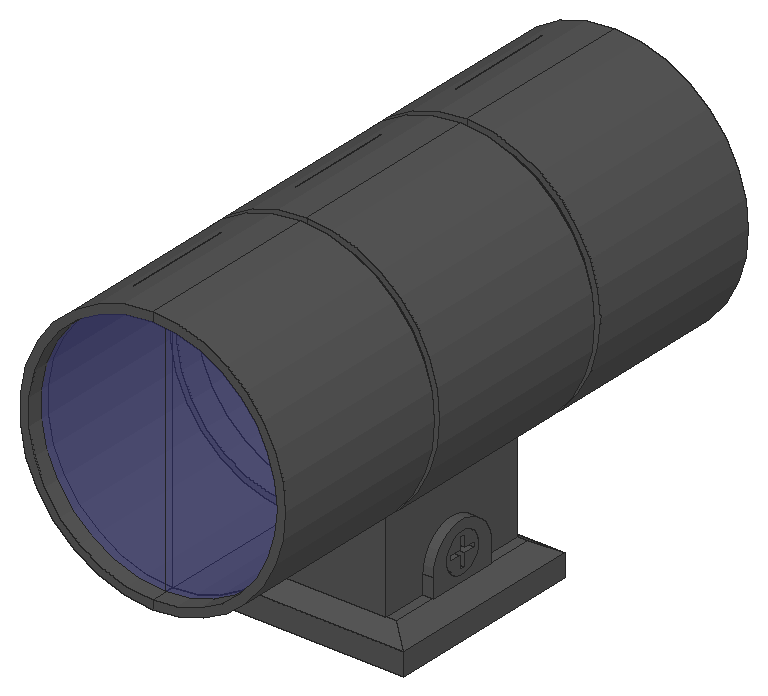
Revit family "CARLO CYLINDER LIGHT WALL MOUNT", category Lighting Fixtures, host Face, Revit 2020 (continued)
Types (10): name | Wattage_Input | Wattage Comments | Wattage | Photometric Web File | built-in parameter 1150142 | Model | built-in parameter 1150105 | Lumens | Light Length 1 | LIGHT RADIUS | LIGHT PLACEMENT | LIGHT LENGTH | LIGHT DIA | built-in parameter 1150106 | FIXED END HEIGHT | Curve base Height | Base Curve | BEAMING ANGLE | Apparent Load
    0.27 312.24 314.39 316.63 318.83 \r\n 321.17 323.83 326.7 329.66 332.81 336.13 339.93 344.42 349.9 356.52 \r\n 364.85 375.19 388.44 405.39 426.62 452.64 484.47 523.07 569.13 623.37 \r\n 686.62 758.73 843.42 946.29 1061.5 1180.5 1316.9 1486.5 1674.1 1871.3 \r\n 2073.3 2271.4 2469.7 2672.8 2870 3053.3 3219.1 3361.7 3478.9 3564.8 \r\n 3625.1 3660.5 3679.5 3689.1 3694.4 3704.3 3714.4 3723.7 3730.1 3730.5 \r\n 3733.6 \r\n3725 3721.2 3708.5 3693.6 3666.3 3617.2 3546.3 3450.5 3329.7 3178.1 \r\n 3008.4 2832.3 2646.9 2451.7 2251.8 2050.9 1852.6 1659.4 1478.1 1314.7 \r\n 1173 1065.3 971.25 869.33 774.91 698.24 633.13 576.83 529.27 489.76 \r\n 457.47 431.81 411.31 394.46 380.89 369.84 360.95 353.72 347.84 342.81 \r\n 338.66 335.43 332.61 329.56 326.64 324.04 321.62 319.32 317.12 315.01 \r\n 312.86 310.48 308 305.43 302.91 300.63 298.43 296.18 293.99 291.92 \r\n 289.99 288.19 286.59 285.35 284.21 282.94 281.66 280.47 279.28 278.63 \r\n 276.71 271.87 264.11 252.59 238.13 221.48 201.92 177.55 152.64 131.78 \r\n 112.11 92.036 72.358 51.897 34.963 27.153 23.422 20.466 18.665 17.316 \r\n 16.364 15.498 14.788 14.225 13.733 13.229 12.734 12.239 11.749 11.273 \r\n 10.792 10.28 9.7644 9.2732 8.7799 8.2572 7.7346 7.2377 6.7504 6.2582 \r\n 5.7806 5.3379 4.9132 4.4923 4.0878 3.7033 3.3521 3.0536 2.793 2.5625 \r\n 2.3604 2.1843 2.0287 1.8868 1.7596 1.6455 1.545 1.4596 1.3841 1.3142 \r\n 1.249 1.1842 1.1254 1.0793 1.0377 0.99415 0.95034 0.90455 0.86016 0.82022 \r\n 0.78405 0.75265 0.72396 0.6967 0.66952 0.63978 0.61 0.5866 0.56388 0.53712 \r\n 0.50978 0.48402 0.45899 0.4352 0.41073 0.38263 0.3545 0.32972 0.30599 0.28184 \r\n 0.25826 0.23608 0.21435 0.1923 0.17012 0.14742 0.12518 0.10394 0.084591 0.068959 \r\n 0.054808 0.039981 0.026075 0.013295 0.0036548 0.00044799 0.000039 0 0 0 \r\n 0 0 0 0 0.0039478 0.021277 0.043012 0.062148 0.082197 0.10435 \r\n 0.12856 0.15647 0.18424 0.2069 0.22947 0.2564 0.28433 0.31104 0.33749 0.3638 \r\n 0.39034 0.41768 0.44545 0.47315 0.50176 0.53335 0.56407 0.58855 0.61337 0.64503 \r\n 0.67929 0.71402 0.74931 0.78384 0.81973 0.85897 0.90061 0.94318 0.99031 1.0473 \r\n 1.1077 1.1652 1.2238 1.2835 1.3494 1.4286 1.5145 1.6001 1.6932 1.7994 \r\n 1.918 2.0489 2.1958 2.3618 2.5485 2.7586 2.9904 3.2366 3.5162 3.8497 \r\n 4.225 4.6448 5.0841 5.5071 5.9488 6.4445 6.9584 7.4585 7.969 8.5097 \r\n 9.0611 9.605 10.157 10.731 11.314 11.894 12.48 13.074 13.682 14.31 \r\n 14.962 15.626 16.355 17.164 18.154 19.409 20.996 23.046 25.453 27.645 \r\n 31.158 37.153 46.172 59.49 76.06 95.901 117.08 137.42 157.67 178.8 \r\n 197.93 211.26 222.5 234.51 246.05 257.58 266.78 270.12 271.57 274.38 \r\n 277.24 279.88 282.49 285.21 287.93 290.59 293.18 295.68 298.06 300.28 \r\n 302.31 304.1 305.79 307.5 309.26 311.14 313.12 315.27 317.47 319.55 \r\n 321.77 324.43 327.33 330.33 333.57 337.03 341.02 345.79 351.61 358.63 \r\n 367.53 378.76 393.16 411.54 434.46 462.36 496.34 537.32 586.17 643.84 \r\n 710.91 787.41 876 979.63 1097.4 1226.8 1375.3 1554.6 1749.5 1949.1 \r\n 2151.3 2349.3 2546.9 2749.7 2945 3122.5 3280.8 3416.1 3525 3600.3 \r\n 3649.3 3673.1 3683.4 3692.1 3699.3 3710.7 3721.7 3729.9 3734.3 3732.8 \r\n 3733.6 \r\n3725 3720.5 3708.8 3694.4 3668.3 3622.8 3556.3 3464.2 3347.9 3204.9 \r\n 3042.7 2867.9 2680.9 2482 2278.7 2078.7 1882.2 1689.4 1507.5 1342.2 \r\n 1198.1 1088.7 992.56 886.58 788.22 709.85 643.64 585.81 536.7 495.58 \r\n 461.83 435.14 413.84 396.29 382.13 370.53 361.18 353.62 347.5 342.31 \r\n 338.09 334.93 332.26 329.44 326.77 324.33 322.09 320.05 318.18 316.49 \r\n 314.74 312.56 310.21 307.8 305.4 303.18 301 298.75 296.51 294.32 \r\n 292.19 290.12 288.24 286.79 285.43 283.82 282.19 280.66 279.2 278.09 \r\n 276.4 273.97 268.73 257.93 243.36 225.86 205.63 182.19 158.46 137.97 \r\n 118.37 98.385 78.412 56.802 38.448 29.322 24.526 21.152 19.197 17.681 \r\n 16.622 15.694 14.949 14.354 13.841 13.331 12.834 12.332 11.836 11.361 \r\n 10.881 10.362 9.8402 9.3544 8.8656 8.3344 7.8007 7.2977 6.8061 6.3114 \r\n 5.8321 5.3872 4.9614 4.5426 4.1393 3.7508 3.3932 3.0862 2.8183 2.5861 \r\n 2.3841 2.2079 2.0514 1.9056 1.7742 1.6583 1.557 1.4718 1.3961 1.3233 \r\n 1.2556 1.1921 1.1351 1.0889 1.0466 1.0028 0.95846 0.91165 0.86633 0.82619 \r\n 0.79002 0.75862 0.72975 0.70174 0.67376 0.64367 0.6137 0.59107 0.56943 0.54392 \r\n 0.51743 0.49114 0.46533 0.44151 0.4172 0.3892 0.36119 0.33661 0.31301 0.28872 \r\n 0.26493 0.24262 0.2208 0.19875 0.17673 0.1545 0.13276 0.11172 0.092643 0.078036 \r\n 0.064443 0.048432 0.032434 0.016652 0.004335 0.00043719 0.000046 0 0 0 \r\n 0 0 0 0 0 0.017321 0.039652 0.059174 0.079724 0.10267 \r\n 0.1276 0.15583 0.1836 0.20572 0.22783 0.25531 0.28378 0.3101 0.33593 0.36173 \r\n 0.38802 0.4158 0.44408 0.47163 0.50018 0.53268 0.56421 0.58834 0.61246 0.64321 \r\n 0.67641 0.7101 0.74431 0.77786 0.81243 0.85118 0.89243 0.93397 0.98049 1.0386 \r\n 1.1003 1.1579 1.2166 1.2772 1.3447 1.4271 1.5165 1.6048 1.7007 1.8102 \r\n 1.9326 2.0682 2.2206 2.3933 2.5874 2.8069 3.0471 3.2959 3.5791 3.9251 \r\n 4.314 4.7435 5.1899 5.6157 6.0596 6.5614 7.0797 7.5759 8.0817 8.6267 \r\n 9.1787 9.7031 10.237 10.818 11.41 11.981 12.553 13.131 13.727 14.354 \r\n 15.008 15.67 16.401 17.213 18.227 19.553 21.243 23.442 25.975 28.017 \r\n 31.667 38.811 49.271 63.873 81.484 101.72 123.15 144.17 164.98 186.28 \r\n 204.95 216.59 225.8 236.13 246.43 257.73 267.05 270.43 271.92 274.65 \r\n 277.42 280.03 282.64 285.36 288.09 290.77 293.41 296.03 298.54 300.85 \r\n 302.97 304.85 306.63 308.46 310.32 312.25 314.26 316.42 318.61 320.6 \r\n 322.75 325.42 328.38 331.44 334.79 338.41 342.63 347.68 353.86 361.27 \r\n 370.72 382.79 398.27 417.96 442.42 472.11 508.14 551.44 603.02 664.02 \r\n 734.87 816.01 908.57 1012.3 1131.8 1271.1 1431 1618.8 1819.6 2020.9 \r\n 2223 2421.1 2618.1 2820.1 3013.1 3184.6 3335.5 3464 3565.2 3630.7 \r\n 3669.6 3683.4 3686.5 3695.2 3704.8 3717.5 3729 3736 3738.4 3735.1 \r\n 3733.6 \r\n" | "CCL4-11-20SPSW8-PC-25-WM-BK" | 8364.6 (stored number, unit not read) | 1800 lm | 0' - 3.67318" | 0' - 2" | 0' - 4 53/128" | 0' - 11 5/256" | 0' - 4" | 83.646 (stored number, unit not read) | 0' - 6 53/128" | 0' - 3 7/64" | 0' - 2" | 25.00° | 25 VA
  CCL4-11-20SPSW8-PC-40-WM-BK | 20 W | "12W/16W/20W" | 12.1178 W | "CCL4 20W 3000K 40° (up and down light).IES" | "IESNA:LM-63-2002\r\n[TEST] CCL4 20W 3000K 40¡ã (up and down light)\r\n[TESTLAB] EVERFINE\r\n[TESTDATE] 2024-03-13\r\n[ISSUEDATE] 2024-03-13 10:11:48\r\n[NEARFIELD] \r\n[LAMPPOSITION] 0,0\r\n[OTHER] EVERFINE GO-2000_V1 SYSTEM\r\n[MANUFAC] Aboveall lighting\r\nTILT=NONE\r\n1 1791.5 1 361 73 1 2 -0.103 -0.103 0.000\r\n1.000 1 20.544\r\n0.0    0.5    1.0    1.5    2.0    2.5    3.0    3.5    4.0    4.5    \r\n 5.0    5.5    6.0    6.5    7.0    7.5    8.0    8.5    9.0    9.5    \r\n 10.0   10.5   11.0   11.5   12.0   12.5   13.0   13.5   14.0   14.5   \r\n 15.0   15.5   16.0   16.5   17.0   17.5   18.0   18.5   19.0   19.5   \r\n 20.0   20.5   21.0   21.5   22.0   22.5   23.0   23.5   24.0   24.5   \r\n 25.0   25.5   26.0   26.5   27.0   27.5   28.0   28.5   29.0   29.5   \r\n 30.0   30.5   31.0   31.5   32.0   32.5   33.0   33.5   34.0   34.5   \r\n 35.0   35.5   36.0   36.5   37.0   37.5   38.0   38.5   39.0   39.5   \r\n 40.0   40.5   41.0   41.5   42.0   42.5   43.0   43.5   44.0   44.5   \r\n 45.0   45.5   46.0   46.5   47.0   47.5   48.0   48.5   49.0   49.5   \r\n 50.0   50.5   51.0   51.5   52.0   52.5   53.0   53.5   54.0   54.5   \r\n 55.0   55.5   56.0   56.5   57.0   57.5   58.0   58.5   59.0   59.5   \r\n 60.0   60.5   61.0   61.5   62.0   62.5   63.0   63.5   64.0   64.5   \r\n 65.0   65.5   66.0   66.5   67.0   67.5   68.0   68.5   69.0   69.5   \r\n 70.0   70.5   71.0   71.5   72.0   72.5   73.0   73.5   74.0   74.5   \r\n 75.0   75.5   76.0   76.5   77.0   77.5   78.0   78.5   79.0   79.5   \r\n 80.0   80.5   81.0   81.5   82.0   82.5   83.0   83.5   84.0   84.5   \r\n 85.0   85.5   86.0   86.5   87.0   87.5   88.0   88.5   89.0   89.5   \r\n 90.0   90.5   91.0   91.5   92.0   92.5   93.0   93.5   94.0   94.5   \r\n 95.0   95.5   96.0   96.5   97.0   97.5   98.0   98.5   99.0   99.5   \r\n 100.0  100.5  101.0  101.5  102.0  102.5  103.0  103.5  104.0  104.5  \r\n 105.0  105.5  106.0  106.5  107.0  107.5  108.0  108.5  109.0  109.5  \r\n 110.0  110.5  111.0  111.5  112.0  112.5  113.0  113.5  114.0  114.5  \r\n 115.0  115.5  116.0  116.5  117.0  117.5  118.0  118.5  119.0  119.5  \r\n 120.0  120.5  121.0  121.5  122.0  122.5  123.0  123.5  124.0  124.5  \r\n 125.0  125.5  126.0  126.5  127.0  127.5  128.0  128.5  129.0  129.5  \r\n 130.0  130.5  131.0  131.5  132.0  132.5  133.0  133.5  134.0  134.5  \r\n 135.0  135.5  136.0  136.5  137.0  137.5  138.0  138.5  139.0  139.5  \r\n 140.0  140.5  141.0  141.5  142.0  142.5  143.0  143.5  144.0  144.5  \r\n 145.0  145.5  146.0  146.5  147.0  147.5  148.0  148.5  149.0  149.5  \r\n 150.0  150.5  151.0  151.5  152.0  152.5  153.0  153.5  154.0  154.5  \r\n 155.0  155.5  156.0  156.5  157.0  157.5  158.0  158.5  159.0  159.5  \r\n 160.0  160.5  161.0  161.5  162.0  162.5  163.0  163.5  164.0  164.5  \r\n 165.0  165.5  166.0  166.5  167.0  167.5  168.0  168.5  169.0  169.5  \r\n 170.0  170.5  171.0  171.5  172.0  172.5  173.0  173.5  174.0  174.5  \r\n 175.0  175.5  176.0  176.5  177.0  177.5  178.0  178.5  179.0  179.5  \r\n 180.0  \r\n0.0    5.0    10.0   15.0   20.0   25.0   30.0   35.0   40.0   45.0   \r\n 50.0   55.0   60.0   65.0   70.0   75.0   80.0   85.0   90.0   95.0   \r\n 100.0  105.0  110.0  115.0  120.0  125.0  130.0  135.0  140.0  145.0  \r\n 150.0  155.0  160.0  165.0  170.0  175.0  180.0  185.0  190.0  195.0  \r\n 200.0  205.0  210.0  215.0  220.0  225.0  230.0  235.0  240.0  245.0  \r\n 250.0  255.0  260.0  265.0  270.0  275.0  280.0  285.0  290.0  295.0  \r\n 300.0  305.0  310.0  315.0  320.0  325.0  330.0  335.0  340.0  345.0  \r\n 350.0  355.0  360.0  \r\n2008.1 2008.4 2002.2 1994.6 1985.6 1975.5 1963.9 1950.7 1936 1920.1 \r\n 1902.4 1882.3 1860.6 1838.3 1814.3 1787.5 1758.2 1726.1 1691.8 1655.6 \r\n 1618 1579.9 1540.1 1497.6 1452.9 1406.4 1357.7 1306 1252.3 1197.4 \r\n 1140.8 1082.1 1021.8 960.15 898.36 837.48 778.51 722.82 670.27 620.86 \r\n 575.53 535.32 499.97 469.82 444.22 422.78 405.05 390.75 378.96 368.54 \r\n 359.82 352.88 347.31 342.75 339.04 336.22 333.24 328.46 323.57 319.95 \r\n 316.84 314.13 311.32 307.63 303.82 300.34 297.19 294.65 292.39 290.2 \r\n 288 285.71 283.14 280.77 276.51 268.39 256.43 239.22 219.06 197.95 \r\n 175.32 150.55 125.72 102.86 81.466 61.125 43.713 31.198 22.88 19.672 \r\n 18.703 17.108 15.796 14.735 13.876 13.159 12.578 12.125 11.759 11.452 \r\n 11.157 10.803 10.445 10.132 9.8183 9.4647 9.1016 8.7452 8.3996 8.0774 \r\n 7.7692 7.4763 7.1792 6.8478 6.5143 6.2063 5.9081 5.6132 5.3224 5.032 \r\n 4.7488 4.4828 4.2204 3.944 3.6753 3.4364 3.2091 2.9774 2.7558 2.5586 \r\n 2.37 2.1744 1.985 1.81 1.6476 1.5009 1.3623 1.2206 1.0894 0.98203 \r\n 0.88814 0.7997 0.72334 0.66652 0.61875 0.5703 0.52636 0.48913 0.45789 0.43462 \r\n 0.41349 0.39067 0.36937 0.35201 0.33715 0.32481 0.313 0.29873 0.28497 0.27509 \r\n 0.26483 0.24998 0.23376 0.21822 0.20269 0.18715 0.17162 0.15608 0.14055 0.12735 \r\n 0.10948 0.075035 0.040909 0.023111 0.012357 0.0044716 0.00013805 0 0 0 \r\n 0 0 0 0 0 0 0.0079364 0.032763 0.071526 0.13487 \r\n 0.19095 0.20019 0.19641 0.20339 0.21158 0.21917 0.22676 0.23434 0.24193 0.24952 \r\n 0.25711 0.26364 0.27228 0.28627 0.30436 0.32808 0.35231 0.37067 0.38853 0.40932 \r\n 0.43256 0.45875 0.48843 0.52217 0.56042 0.60266 0.65637 0.73141 0.81996 0.91547 \r\n 1.024 1.152 1.292 1.4409 1.5924 1.7311 1.8812 2.0724 2.2731 2.45 \r\n 2.6384 2.8732 3.1224 3.3586 3.6023 3.8676 4.1469 4.4366 4.7398 5.0633 \r\n 5.3928 5.7166 6.0346 6.3339 6.6405 6.9899 7.3413 7.6557 7.9637 8.2813 \r\n 8.6131 8.9763 9.3501 9.7178 10.084 10.451 10.808 11.135 11.459 11.797 \r\n 12.156 12.557 12.968 13.275 13.747 14.666 15.884 17.399 19.053 19.72 \r\n 22.3 29.451 40.771 57.451 77.379 98.781 121.84 146.75 171.66 195.03 \r\n 216.07 232.5 247.26 264.23 278.28 283.84 286.06 288.47 290.44 292.53 \r\n 294.74 297.28 300.12 303.22 306.81 311.37 316.01 319.76 323.29 327.12 \r\n 330.77 333.86 336.66 339.11 341.75 345.09 349.18 354.04 360.29 368.67 \r\n 378.91 390.79 404.95 421.76 441.81 465.66 493.75 526.66 564.47 607.82 \r\n 655.6 707.23 761.66 817.93 875.21 932.29 989.35 1046.4 1102.8 1157.6 \r\n 1211.9 1266.5 1320.4 1372.6 1423.4 1472.6 1520.8 1568.7 1615.8 1662.1 \r\n 1706.6 1748.4 1786.8 1819.9 1849.3 1876.1 1900.2 1921.7 1941.1 1959.2 \r\n 1975 1987.6 1997.4 2004.2 2008.9 2012.2 2014.3 2015.8 2016.3 2015.4 \r\n 2013.2 \r\n2008.1 2008.4 2002.2 1994.4 1985.3 1975.1 1963.7 1950.7 1936.1 1920.1 \r\n 1902.3 1882.3 1860.8 1838.4 1814.3 1787.8 1758.8 1727.2 1693.3 1657.2 \r\n 1619.6 1581.7 1542.1 1499.9 1455.5 1409 1360.1 1308.4 1254.5 1199.4 \r\n 1142.5 1083.6 1023.1 961.07 898.94 837.94 778.88 723.05 670.3 620.56 \r\n 574.92 534.55 499.1 468.8 443.07 421.59 403.85 389.52 377.73 367.42 \r\n 358.84 352.02 346.56 342.12 338.52 335.78 332.88 328.25 323.52 320.08 \r\n 317.14 314.52 311.75 308.05 304.17 300.56 297.29 294.66 292.35 290.15 \r\n 287.97 285.71 283.19 280.94 276.62 267.76 255.31 239.14 220 198.3 \r\n 174.98 150.82 126.69 103.67 81.909 61.298 43.693 31.199 22.96 19.76 \r\n 18.79 17.211 15.908 14.827 13.942 13.219 12.637 12.176 11.801 11.484 \r\n 11.18 10.808 10.437 10.128 9.822 9.4724 9.1113 8.7531 8.4045 8.0802 \r\n 7.7704 7.4764 7.1801 6.8552 6.5272 6.2151 5.9119 5.6199 5.3307 5.0307 \r\n 4.7385 4.4765 4.22 3.9427 3.6722 3.4338 3.2078 2.9791 2.759 2.5568 \r\n 2.3632 2.1703 1.9838 1.8057 1.639 1.4902 1.3501 1.2069 1.0746 0.96722 \r\n 0.87374 0.78562 0.70954 0.6526 0.605 0.55792 0.51551 0.47917 0.44828 0.42415 \r\n 0.40239 0.38036 0.36008 0.34283 0.32829 0.31752 0.30772 0.29552 0.28366 0.27494 \r\n 0.26586 0.25297 0.23894 0.2257 0.21202 0.19681 0.18165 0.16943 0.15513 0.13473 \r\n 0.10819 0.068861 0.032551 0.01701 0.0097209 0.0034946 0.00010855 0 0 0 \r\n 0 0 0.000008 0 0.0010175 0.0032018 0.013198 0.037971 0.076707 0.14237 \r\n 0.2006 0.20937 0.20466 0.21213 0.2206 0.22676 0.2326 0.2389 0.24602 0.25513 \r\n 0.26464 0.27209 0.28128 0.29562 0.31386 0.33754 0.36175 0.38033 0.39857 0.41994 \r\n 0.44373 0.47034 0.50044 0.53452 0.57354 0.61611 0.66978 0.7441 0.8316 0.92606 \r\n 1.0333 1.1593 1.2975 1.446 1.5974 1.7348 1.8841 2.0772 2.2802 2.4575 \r\n 2.6463 2.8836 3.1347 3.3697 3.6117 3.8766 4.1555 4.4443 4.7453 5.0627 \r\n 5.3868 5.7106 6.0302 6.3311 6.6382 6.9849 7.3323 7.6422 7.9462 8.2621 \r\n 8.5924 8.9504 9.3212 9.6952 10.069 10.441 10.8 11.124 11.444 11.783 \r\n 12.145 12.55 12.968 13.286 13.763 14.663 15.867 17.407 19.096 19.833 \r\n 22.386 29.203 40.147 56.623 76.456 97.967 121.07 145.6 170.16 193.65 \r\n 215.09 232.34 247.74 264.38 277.93 283.45 285.77 288.26 290.3 292.38 \r\n 294.57 297.07 299.91 303.13 306.88 311.63 316.42 320.21 323.73 327.59 \r\n 331.2 334.02 336.51 338.83 341.38 344.57 348.53 353.33 359.55 367.85 \r\n 378.03 389.88 404.03 420.86 440.89 464.65 492.53 525.05 562.41 605.38 \r\n 652.71 703.66 757.43 813.24 870.21 927.22 984.26 1041.2 1097.4 1152.2 \r\n 1206.4 1260.8 1314.7 1367.5 1419.1 1469.1 1518.1 1566.7 1614.3 1660.3 \r\n 1704.3 1746.3 1784.8 1817.8 1847.1 1873.9 1898.1 1919.7 1939.2 1957.2 \r\n 1973 1985.9 1996 2003.2 2008.1 2011.6 2013.8 2015.5 2016 2015.2 \r\n 2013.2 \r\n2008.1 2008.5 2002.3 1994.3 1985.1 1975 1963.8 1951 1936.7 1920.5 \r\n 1902.6 1882.8 1861.4 1838.9 1814.7 1788.4 1759.8 1728.7 1695.2 1659.1 \r\n 1621.5 1583.6 1544.3 1502.5 1458.4 1411.9 1363 1311.3 1257.4 1202 \r\n 1144.8 1085.7 1025.1 962.76 900.34 839.29 780.22 724.25 671.27 621.12 \r\n 575.07 534.45 498.82 468.37 442.5 420.86 402.98 388.52 376.64 366.35 \r\n 357.83 351.11 345.75 341.43 337.92 335.19 332.35 327.97 323.54 320.32 \r\n 317.54 314.99 312.24 308.56 304.64 300.88 297.44 294.72 292.34 290.14 \r\n 287.99 285.76 283.27 281.18 276.8 266.92 253.75 238.76 220.92 198.85 \r\n 175.04 151.64 128.27 105.01 82.741 61.817 43.98 31.399 23.136 19.899 \r\n 18.91 17.338 16.042 14.933 14.019 13.291 12.709 12.241 11.855 11.527 \r\n 11.21 10.82 10.436 10.13 9.8321 9.4867 9.1278 8.7682 8.4166 8.0888 \r\n 7.776 7.4804 7.1849 6.8678 6.5462 6.2291 5.9199 5.6313 5.3441 5.0326 \r\n 4.7295 4.4715 4.2215 3.943 3.6702 3.4324 3.2081 2.9826 2.764 2.5559 \r\n 2.3566 2.1669 1.9839 1.802 1.6299 1.4782 1.3359 1.1907 1.0572 0.9496 \r\n 0.85643 0.76856 0.69274 0.6357 0.5884 0.5431 0.50268 0.46765 0.43737 0.41223 \r\n 0.3897 0.36853 0.34937 0.33206 0.31771 0.3086 0.30103 0.29126 0.28167 0.27425 \r\n 0.26652 0.25606 0.24477 0.23434 0.22302 0.20854 0.19413 0.18582 0.17302 0.14472 \r\n 0.1083 0.062144 0.022127 0.0093273 0.0064956 0.0023116 0.000072 0 0 0 \r\n 0 0 0.000017 0 0.0021185 0.0073716 0.020176 0.044524 0.082686 0.15067 \r\n 0.21125 0.21984 0.21447 0.22264 0.23138 0.2356 0.2391 0.24369 0.25016 0.26101 \r\n 0.2729 0.28188 0.2922 0.30714 0.32558 0.34893 0.3728 0.39161 0.4103 0.43229 \r\n 0.45663 0.48373 0.51442 0.5495 0.58951 0.63295 0.68674 0.75932 0.8446 0.93776 \r\n 1.0435 1.1664 1.302 1.4506 1.6026 1.7391 1.8881 2.0833 2.2889 2.4673 \r\n 2.6572 2.8966 3.1494 3.3843 3.6252 3.8887 4.1661 4.454 4.7525 5.0611 \r\n 5.3772 5.7012 6.0233 6.3258 6.6333 6.9768 7.3196 7.6253 7.9253 8.2391 \r\n 8.5672 8.9196 9.2872 9.6685 10.051 10.426 10.784 11.105 11.422 11.761 \r\n 12.124 12.532 12.956 13.293 13.781 14.646 15.817 17.368 19.083 19.913 \r\n 22.434 28.793 39.229 55.463 75.198 96.847 120.01 143.98 168.05 191.7 \r\n 213.67 232.03 248.33 264.57 277.46 282.97 285.43 288.02 290.14 292.22 \r\n 294.37 296.83 299.67 303.04 306.98 311.92 316.86 320.66 324.14 327.97 \r\n 331.47 333.98 336.16 338.4 340.9 343.93 347.73 352.48 358.67 366.89 \r\n 377 388.85 403.01 419.86 439.84 463.41 490.96 522.96 559.73 602.23 \r\n 649.02 699.18 752.18 807.45 864.08 921.01 978.09 1034.9 1091.1 1145.9 \r\n 1200 1254.3 1308.1 1361.5 1413.9 1464.8 1514.5 1563.8 1611.7 1657.4 \r\n 1701 1743 1781.6 1814.5 1843.8 1870.7 1895 1916.8 1936.4 1954.4 \r\n 1970.3 1983.5 1994.1 2001.7 2007.1 2010.8 2013.2 2014.9 2015.6 2015 \r\n 2013.2 \r\n2008.1 2008.6 2002.4 1994.4 1985.1 1975.2 1964.1 1951.6 1937.5 1921.2 \r\n 1903.2 1883.5 1862.2 1839.5 1815.2 1789.2 1761 1730.2 1697 1661 \r\n 1623.3 1585.6 1546.4 1505 1461.3 1414.8 1365.9 1314.3 1260.5 1204.7 \r\n 1147.2 1088.1 1027.5 964.91 902.23 841.21 782.18 726.07 672.83 622.26 \r\n 575.76 534.83 498.96 468.36 442.36 420.49 402.36 387.69 375.67 365.32 \r\n 356.82 350.17 344.92 340.7 337.27 334.53 331.72 327.68 323.63 320.64 \r\n 318 315.5 312.75 309.1 305.16 301.25 297.62 294.79 292.37 290.16 \r\n 288.04 285.84 283.38 281.47 277.02 266.05 252.09 238.27 221.77 199.53 \r\n 175.42 152.79 130.16 106.61 83.798 62.563 44.483 31.737 23.365 20.062 \r\n 19.042 17.471 16.18 15.04 14.095 13.366 12.788 12.314 11.918 11.578 \r\n 11.246 10.839 10.443 10.14 9.8492 9.5073 9.1503 8.7899 8.4357 8.1034 \r\n 7.7864 7.4885 7.1936 6.884 6.5689 6.2465 5.931 5.646 5.361 5.0375 \r\n 4.7231 4.469 4.2253 3.9453 3.6701 3.433 3.2103 2.9879 2.7706 2.5565 \r\n 2.3516 2.1653 1.9858 1.7999 1.6221 1.4671 1.3222 1.1748 1.0399 0.93211 \r\n 0.83923 0.75149 0.67582 0.61865 0.57171 0.52834 0.49009 0.45653 0.42698 0.40082 \r\n 0.37747 0.35716 0.33908 0.32163 0.30734 0.29973 0.29425 0.28685 0.27952 0.27335 \r\n 0.26697 0.25903 0.25061 0.24309 0.23424 0.22072 0.20729 0.2029 0.19166 0.15593 \r\n 0.10987 0.056149 0.011614 0.0015273 0.0033128 0.0011583 0.000037 0 0 0 \r\n 0 0 0.000025 0.000068 0.0031581 0.011726 0.027567 0.051474 0.088892 0.15879 \r\n 0.2214 0.23006 0.22442 0.23344 0.24244 0.2445 0.24536 0.24803 0.25371 0.26628 \r\n 0.28064 0.29152 0.30333 0.31906 0.33773 0.36054 0.38385 0.40295 0.4222 0.44474 \r\n 0.46954 0.49712 0.52847 0.56469 0.60588 0.65048 0.70448 0.77469 0.85707 0.94887 \r\n 1.0531 1.1726 1.3054 1.4543 1.6074 1.7438 1.8932 2.0902 2.2981 2.4782 \r\n 2.6697 2.9107 3.1647 3.4 3.6405 3.9022 4.1771 4.4639 4.7593 5.0577 \r\n 5.3644 5.6886 6.0136 6.3176 6.6253 6.9654 7.3038 7.6055 7.902 8.2137 \r\n 8.5397 8.8866 9.2512 9.6397 10.031 10.405 10.76 11.078 11.392 11.729 \r\n 12.091 12.501 12.93 13.291 13.79 14.612 15.737 17.286 19.019 19.955 \r\n 22.445 28.294 38.167 54.145 73.783 95.582 118.79 142.15 165.67 189.47 \r\n 212.02 231.6 248.89 264.71 276.94 282.45 285.07 287.77 289.97 292.05 \r\n 294.17 296.58 299.42 302.95 307.11 312.23 317.29 321.09 324.51 328.26 \r\n 331.61 333.8 335.68 337.85 340.33 343.2 346.85 351.55 357.71 365.87 \r\n 375.92 387.77 401.95 418.81 438.73 462.05 489.2 520.61 556.73 598.7 \r\n 644.93 694.29 746.49 801.19 857.44 914.3 971.43 1028.3 1084.5 1139.3 \r\n 1193.5 1247.6 1301.4 1355.4 1408.6 1460.2 1510.6 1560.4 1608.6 1653.8 \r\n 1696.8 1738.8 1777.5 1810.4 1839.7 1866.7 1891.2 1913.2 1933 1951 \r\n 1967 1980.6 1991.7 1999.9 2005.8 2009.8 2012.4 2014.3 2015.1 2014.7 \r\n 2013.2 \r\n2008.1 2008.8 2002.7 1994.6 1985.2 1975.4 1964.6 1952.4 1938.5 1922.1 \r\n 1904 1884.3 1863.1 1840.3 1815.8 1790 1762.1 1731.6 1698.6 1662.6 \r\n 1624.9 1587.3 1548.3 1507.1 1463.7 1417.4 1368.5 1317.1 1263.3 1207.3 \r\n 1149.5 1090.5 1030 967.15 904.29 843.33 784.37 728.14 674.66 623.7 \r\n 576.77 535.5 499.36 468.62 442.49 420.34 401.91 387 374.78 364.35 \r\n 355.84 349.25 344.09 339.97 336.63 333.85 331.09 327.43 323.8 321 \r\n 318.46 315.97 313.21 309.61 305.68 301.61 297.8 294.87 292.4 290.2 \r\n 288.11 285.92 283.49 281.74 277.24 265.33 250.68 237.85 222.51 200.24 \r\n 176 154.06 132.05 108.23 84.916 63.413 45.113 32.149 23.605 20.221 \r\n 19.167 17.592 16.304 15.134 14.161 13.436 12.868 12.391 11.987 11.634 \r\n 11.288 10.868 10.461 10.16 9.8741 9.5342 9.1781 8.8174 8.4613 8.124 \r\n 7.8018 7.5011 7.2062 6.9027 6.5927 6.2654 5.9443 5.6627 5.3797 5.0455 \r\n 4.7207 4.4698 4.2314 3.9501 3.6727 3.4362 3.215 2.9949 2.7784 2.5592 \r\n 2.3496 2.1663 1.99 1.8004 1.6175 1.4591 1.3116 1.162 1.0256 0.91771 \r\n 0.82518 0.73738 0.66163 0.60427 0.55765 0.5161 0.47993 0.44778 0.41894 0.39188 \r\n 0.36777 0.3482 0.33105 0.31343 0.2991 0.29258 0.28868 0.28321 0.27774 0.27258 \r\n 0.26734 0.26164 0.25579 0.25084 0.24423 0.23174 0.21934 0.21835 0.20853 0.16695 \r\n 0.11297 0.052144 0.0029883 0 0.00080421 0.00027062 0.000009 0 0 0 \r\n 0 0 0.000032 0.00013334 0.0039912 0.015487 0.034073 0.057873 0.094758 0.16571 \r\n 0.22952 0.23853 0.2331 0.24303 0.25229 0.25225 0.2505 0.25126 0.25606 0.27005 \r\n 0.28664 0.2995 0.31298 0.3296 0.34852 0.37065 0.39328 0.41281 0.43274 0.45569 \r\n 0.48076 0.50875 0.54067 0.57793 0.6202 0.66599 0.7202 0.78781 0.86712 0.9577 \r\n 1.0608 1.1773 1.3076 1.4569 1.6112 1.7486 1.899
